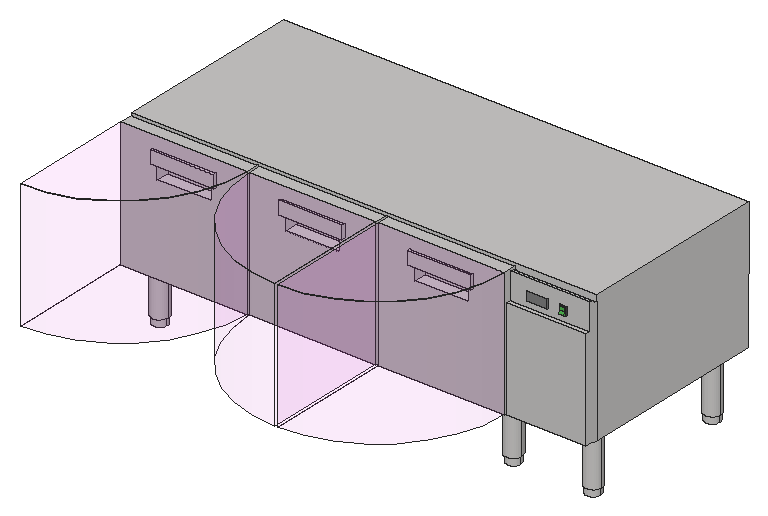
Revit family "QF_ELECTROLUXPROFESSIONAL_371373_E7TTCPCOMKN", category Specialty Equipment, Revit 2018 (continued)
Lines and regions (mm)
  Split face 146
    outline origin (966.896, -348, 142.29) x (0, 0, -1) y (1, 0, 0)
      loop
        line (-85.004, -234.4) -> (-117.004, -234.4)
        arc (-117.004, -234.4) -> (-121.004, -238.41) -> (-116.984, -242.399) r 4
        line (-116.984, -242.399) -> (-85.025, -242.399)
  Split face 147
    outline origin (978.896, -348, 142.29) x (0, 0, -1) y (1, 0, 0)
      loop
        arc (-85.025, -242.399) -> (-81.004, -238.41) -> (-85.004, -234.4) r 4
        line (-85.004, -234.4) -> (-117.004, -234.4)
        arc (-117.004, -234.4) -> (-121.004, -238.41) -> (-116.984, -242.399) r 4
        line (-116.984, -242.399) -> (-85.025, -242.399)
  Split face 148
    outline origin (990.896, -348, 142.29) x (0, 0, -1) y (1, 0, 0)
      loop
        arc (-85.025, -242.399) -> (-81.004, -238.41) -> (-85.004, -234.4) r 4
        line (-85.004, -234.4) -> (-117.004, -234.4)
        arc (-117.004, -234.4) -> (-121.004, -238.41) -> (-116.984, -242.399) r 4
        line (-116.984, -242.399) -> (-85.025, -242.399)
  Split face 149
    outline origin (1002.896, -348, 142.29) x (0, 0, -1) y (1, 0, 0)
      loop
        arc (-85.025, -242.399) -> (-81.004, -238.41) -> (-85.004, -234.4) r 4
        line (-85.004, -234.4) -> (-117.004, -234.4)
        arc (-117.004, -234.4) -> (-121.004, -238.41) -> (-116.984, -242.399) r 4
        line (-116.984, -242.399) -> (-85.025, -242.399)
  Split face 150
    outline origin (1014.896, -348, 142.29) x (0, 0, -1) y (1, 0, 0)
      loop
        arc (-85.025, -242.399) -> (-81.004, -238.41) -> (-85.004, -234.4) r 4
        line (-85.004, -234.4) -> (-117.004, -234.4)
        arc (-117.004, -234.4) -> (-121.004, -238.41) -> (-116.984, -242.399) r 4
        line (-116.984, -242.399) -> (-85.025, -242.399)
  Split face 151
    outline origin (787, -348, 142.29) x (0, 0, -1) y (1, 0, 0)
      loop
        arc (-85.025, -240.599) -> (-81.004, -236.61) -> (-85.004, -232.599) r 4
        line (-85.004, -232.599) -> (-117.004, -232.599)
        arc (-117.004, -232.599) -> (-121.004, -236.61) -> (-116.984, -240.599) r 4
        line (-116.984, -240.599) -> (-85.025, -240.599)
  symbolic lines, style "SpecialityEquipmentHiddenLines"
    curve 1: line (-799, 350, 0) -> (799, 350, 0)
    curve 2: line (-799, -348, 0) -> (-799, 350, 0)
    curve 3: line (799, -348, 0) -> (-799, -348, 0)
    curve 4: line (799, 350, 0) -> (799, -348, 0)
    curve 5: line (-799, -303, 0) -> (799, -303, 0)
  symbolic lines, style "QF_Door-Drawer Clearances"
    curve 6: line (-799, -348, 0) -> (-799, -782, 0)
    curve 7: line (-759, -348, 0) -> (-759, -782, 0)
    curve 8: line (-799, -782, 0) -> (-759, -782, 0)
    curve 9: arc (-759, -782, 0) -> (-478.236, -641.044, 0) -> (-364.999, -348, 0) r 436.202
    curve 10: line (85.661, -348, 0) -> (85.661, -782, 0)
    curve 11: line (125.661, -348, 0) -> (125.661, -782, 0)
    curve 12: line (85.661, -782, 0) -> (125.661, -782, 0)
    curve 13: arc (125.661, -782, 0) -> (406.425, -641.044, 0) -> (519.662, -348, 0) r 436.202
    curve 14: line (77.332, -348, 0) -> (77.332, -782, 0)
    curve 15: line (37.332, -348, 0) -> (37.332, -782, 0)
    curve 16: line (77.332, -782, 0) -> (37.332, -782, 0)
    curve 17: arc (37.332, -782, 0) -> (-243.432, -641.044, 0) -> (-356.669, -348, 0) r 436.202
Dimensions and locks
  plane 4 to level = 200 mm
  plane 5 "TOP" to level = 650 mm
  plane 5 "TOP" to plane 4 = 450 mm
  equal spacing: plane 8 "LEFT", plane 3 "Centro (Sinistra/Destra)", plane 9 "RIGHT"
  plane 8 "LEFT" to plane 9 "RIGHT" = 1600 mm
  equal spacing: plane 6 "BACK", plane 1 "Center X", plane 7 "FRONT"
  plane 6 "BACK" to plane 7 "FRONT" = 700 mm
  locked: plane 6 "BACK" to plane 10 at 653
  locked: plane 10 to plane 11 at 45
  locked: plane 8 "LEFT" to plane 12 at 55
  locked: plane 13 to plane 9 "RIGHT" at 55
  plane 12 to plane 14 = 1216 mm
  locked: plane 6 "BACK" to plane 15 at 88
  locked: plane 16 to plane 11 at 99
  locked: plane 19 to plane 9 "RIGHT" at 1
  locked: plane 8 "LEFT" to plane 18 at 1
  plane 19 to plane 17 = 513 mm
  locked: plane 6 "BACK" to plane 20 at 160
  plane 21 to plane 9 "RIGHT" = 240 mm
  plane 14 to plane 12 = 1216 mm
  plane 12 to plane 8 "LEFT" = 55 mm
  plane 9 "RIGHT" to plane 13 = 55 mm
  Extrusion 9 to Extrusion 9 = 434 mm
  Extrusion 11 to Extrusion 11 = 434 mm
  aligned and locked: level to plane 2
  aligned and locked: plane 12 to nested 1
  aligned and locked: nested 1 to plane 16
  aligned and locked: nested 2 to plane 15
  aligned and locked: plane 14 to nested 3
  aligned and locked: nested 4 to plane 14
  aligned and locked: plane 13 to nested 5
  aligned and locked: nested 6 to plane 13
  aligned and locked: Extrusion 1 sketch curve to plane 6 "BACK"
  aligned and locked: Extrusion 1 sketch curve to plane 10
  aligned and locked: Extrusion 2 to plane 11
  aligned and locked: plane 19 to Extrusion 1
  aligned and locked: plane 4 to Extrusion 4
  aligned and locked: nested 2 to plane 12
Automatic sketch dimensions
  plane 20 to Extrusion 4 sketch curve = 0 mm
  plane 13 to Extrusion 4 sketch curve = 15 mm
  curve 6 to plane 11 = 0 mm
  curve 6 to plane 18 = 0 mm
  curve 3 to plane 19 = 0 mm
  curve 5 to plane 10 = 0 mm
  curve 2 to plane 6 "BACK" = 0 mm
  plane 11 to curve 9 = 0.156 mm
  curve 9 to plane 8 "LEFT" = 1.201 mm
  curve 8 to plane 12 = 14 mm
  plane 3 "Centro (Sinistra/Destra)" to curve 16 = 37.332 mm
  plane 3 "Centro (Sinistra/Destra)" to curve 16 = 77.332 mm
  plane 11 to curve 17 = 0.156 mm
  curve 14 to curve 17 = 2.201 mm
  plane 11 to curve 13 = 0.156 mm
  plane 3 "Centro (Sinistra/Destra)" to curve 13 = 83.461 mm
  plane 3 "Centro (Sinistra/Destra)" to curve 12 = 85.661 mm
  curve 10 to curve 11 = 40 mm
  curve 8 to plane 7 "FRONT" = 432 mm
  curve 14 to plane 7 "FRONT" = 432 mm
  curve 14 to curve 10 = 0 mm
  Extrusion 1 sketch curve to plane 19 = 0 mm
  Extrusion 1 sketch curve to plane 18 = 0 mm
  Extrusion 2 sketch curve to plane 18 = 0 mm
  plane 12 to Extrusion 2 sketch curve = 69.7 mm
  Extrusion 2 sketch curve to Extrusion 2 sketch curve = 186.601 mm
  Extrusion 2 sketch curve to plane 5 "TOP" = 9.006 mm
  Extrusion 2 sketch curve to Extrusion 2 sketch curve = 123.7 mm
  Extrusion 2 sketch curve to plane 5 "TOP" = 65 mm
  Extrusion 2 sketch curve to Extrusion 2 sketch curve = 78.294 mm
  plane 4 to Extrusion 2 sketch curve = 1.587 mm
  Extrusion 3 sketch curve to Extrusion 2 = 15 mm  (x2)
  Extrusion 2 to Extrusion 3 sketch curve = 31.031 mm
  Extrusion 3 sketch curve to Extrusion 2 = 13.969 mm
  Extrusion 5 sketch curve to plane 11 = 0 mm
  Extrusion 5 sketch curve to plane 4 = 0 mm
  Extrusion 5 sketch curve to plane 10 = 0 mm
  plane 11 to Extrusion 5 sketch curve = 16.901 mm
  Extrusion 5 sketch curve to Extrusion 5 sketch curve = 11.336 mm
  plane 4 to Extrusion 5 sketch curve = 4.796 mm
  Extrusion 5 sketch curve to plane 10 = 15.163 mm
  Extrusion 5 sketch curve to plane 10 = 5.442 mm
  Extrusion 5 sketch curve to plane 5 "TOP" = 100.204 mm
  Extrusion 5 sketch curve to plane 5 "TOP" = 20.473 mm
  Extrusion 5 sketch curve to plane 5 "TOP" = 9.006 mm
  Extrusion 5 to Extrusion 6 sketch curve = 42.198 mm
  Extrusion 6 sketch curve to Extrusion 5 = 20 mm
  Extrusion 5 to Extrusion 6 sketch curve = 102.899 mm
  Extrusion 6 sketch curve to Extrusion 6 sketch curve = 22 mm
  Extrusion 5 to Extrusion 7 sketch curve = 42.198 mm
  Extrusion 7 sketch curve to Extrusion 5 = 20 mm
  Extrusion 5 to Extrusion 7 sketch curve = 54.901 mm
  Extrusion 7 sketch curve to Extrusion 7 sketch curve = 70 mm
  Split face 1 sketch curve to Extrusion 7 = 5 mm
  Split face 1 sketch curve to Extrusion 7 = 9 mm
  Split face 1 sketch curve to Extrusion 7 = 10 mm  (x2)
  Split face 2 sketch curve to Extrusion 7 = 12.5 mm
  Split face 2 sketch curve to Extrusion 7 = 7 mm
  Split face 3 sketch curve to Extrusion 7 = 7.5 mm
  Split face 3 sketch curve to Extrusion 7 = 7 mm
  Split face 4 sketch curve to Extrusion 7 = 11.5 mm
  Split face 4 sketch curve to Extrusion 7 = 7 mm
  Split face 5 sketch curve to Extrusion 7 = 7.5 mm
  Split face 5 sketch curve to Extrusion 7 = 7 mm
  Split face 6 sketch curve to Extrusion 7 = 12.5 mm
  Split face 6 sketch curve to Extrusion 7 = 7 mm
  Split face 7 sketch curve to Extrusion 7 = 11.5 mm
  Split face 7 sketch curve to Extrusion 7 = 7 mm
  Split face 8 sketch curve to Extrusion 7 = 7.047 mm
  Split face 8 sketch curve to Extrusion 7 = 2.047 mm
  Split face 8 sketch curve to Extrusion 7 = 10 mm
  Split face 8 sketch curve to Split face 8 sketch curve = 11 mm
  Split face 9 sketch curve to Extrusion 7 = 7.047 mm
  Split face 9 sketch curve to Extrusion 7 = 2.047 mm
  Split face 9 sketch curve to Extrusion 7 = 23 mm
  Split face 9 sketch curve to Split face 9 sketch curve = 11 mm
  Split face 10 sketch curve to Extrusion 7 = 7.047 mm
  Split face 10 sketch curve to Extrusion 7 = 2.047 mm
  Split face 10 sketch curve to Extrusion 7 = 34 mm
  Split face 10 sketch curve to Split face 10 sketch curve = 11 mm
  Split face 11 sketch curve to Extrusion 7 = 7.047 mm
  Split face 11 sketch curve to Extrusion 7 = 2.047 mm
  Split face 11 sketch curve to Extrusion 7 = 21 mm
  Split face 11 sketch curve to Extrusion 7 = 10 mm
  Extrusion 8 sketch curve to Extrusion 8 sketch curve = 0 mm  (x3)
  Extrusion 8 sketch curve to Extrusion 6 = 0 mm
  Extrusion 6 to Extrusion 8 sketch curve = 2.279 mm
  Extrusion 8 sketch curve to Extrusion 8 sketch curve = 0.116 mm
  Extrusion 8 sketch curve to Extrusion 8 sketch curve = 12.105 mm
  Extrusion 6 to Extrusion 8 sketch curve = 3.692 mm
  Extrusion 6 to Extrusion 8 sketch curve = 2.395 mm
  Split face 12 sketch curve to Extrusion 5 = 20.5 mm
  Split face 12 sketch curve to Split face 12 sketch curve = 0.02 mm  (x2)
  Split face 12 sketch curve to Split face 12 sketch curve = 31.959 mm
  Split face 12 sketch curve to Extrusion 5 = 30.401 mm
  Split face 12 sketch curve to Split face 12 sketch curve = 4 mm
  Split face 13 sketch curve to Extrusion 5 = 20.5 mm
  Split face 13 sketch curve to Split face 13 sketch curve = 0.02 mm  (x2)
  Split face 13 sketch curve to Split face 13 sketch curve = 31.959 mm
  Split face 13 sketch curve to Extrusion 5 = 42.4 mm
  Split face 13 sketch curve to Split face 13 sketch curve = 4 mm
  Split face 14 sketch curve to Extrusion 5 = 20.5 mm
  Split face 14 sketch curve to Split face 14 sketch curve = 0.02 mm  (x2)
  Split face 14 sketch curve to Split face 14 sketch curve = 31.959 mm
  Split face 14 sketch curve to Extrusion 5 = 54.4 mm
  Split face 14 sketch curve to Split face 14 sketch curve = 4 mm
  Split face 15 sketch curve to Extrusion 5 = 20.5 mm
  Split face 15 sketch curve to Split face 15 sketch curve = 0.02 mm  (x2)
  Split face 15 sketch curve to Split face 15 sketch curve = 31.959 mm
  Split face 15 sketch curve to Extrusion 5 = 66.297 mm
  Split face 15 sketch curve to Split face 15 sketch curve = 4 mm
  Split face 16 sketch curve to Extrusion 5 = 20.5 mm
  Split face 16 sketch curve to Split face 16 sketch curve = 0.02 mm  (x2)
  Split face 16 sketch curve to Split face 16 sketch curve = 31.959 mm
  Split face 16 sketch curve to Extrusion 5 = 78.297 mm
  Split face 16 sketch curve to Split face 16 sketch curve = 4 mm
  Split face 17 sketch curve to Extrusion 5 = 20.5 mm
  Split face 17 sketch curve to Split face 17 sketch curve = 0.02 mm  (x2)
  Split face 17 sketch curve to Split face 17 sketch curve = 31.959 mm
  Split face 17 sketch curve to Extrusion 5 = 90.297 mm
  Split face 17 sketch curve to Split face 17 sketch curve = 4 mm
  Split face 18 sketch curve to Extrusion 5 = 20.5 mm
  Split face 18 sketch curve to Split face 18 sketch curve = 0.02 mm  (x2)
  Split face 18 sketch curve to Split face 18 sketch curve = 31.959 mm
  Split face 18 sketch curve to Extrusion 5 = 102.297 mm
  Split face 18 sketch curve to Split face 18 sketch curve = 4 mm
  Split face 19 sketch curve to Extrusion 5 = 20.5 mm
  Split face 19 sketch curve to Split face 19 sketch curve = 0.02 mm  (x2)
  Split face 19 sketch curve to Split face 19 sketch curve = 31.959 mm
  Split face 19 sketch curve to Extrusion 5 = 114.297 mm
  Split face 19 sketch curve to Split face 19 sketch curve = 4 mm
  Split face 20 sketch curve to Extrusion 5 = 20.5 mm
  Split face 20 sketch curve to Split face 20 sketch curve = 0.02 mm  (x2)
  Split face 20 sketch curve to Split face 20 sketch curve = 31.959 mm
  Split face 20 sketch curve to Extrusion 5 = 126.297 mm
  Split face 20 sketch curve to Split face 20 sketch curve = 4 mm
  Split face 21 sketch curve to Extrusion 5 = 20.5 mm
  Split face 21 sketch curve to Split face 21 sketch curve = 0.02 mm  (x2)
  Split face 21 sketch curve to Split face 21 sketch curve = 31.959 mm
  Split face 21 sketch curve to Extrusion 5 = 134.503 mm
  Split face 21 sketch curve to Split face 21 sketch curve = 4 mm
  Split face 22 sketch curve to Extrusion 5 = 20.5 mm
  Split face 22 sketch curve to Split face 22 sketch curve = 0.02 mm  (x2)
  Split face 22 sketch curve to Split face 22 sketch curve = 31.959 mm
  Split face 22 sketch curve to Extrusion 5 = 122.504 mm
  Split face 22 sketch curve to Split face 22 sketch curve = 4 mm
  Split face 23 sketch curve to Extrusion 5 = 20.5 mm
  Split face 23 sketch curve to Split face 23 sketch curve = 0.02 mm  (x2)
  Split face 23 sketch curve to Split face 23 sketch curve = 31.959 mm
  Split face 23 sketch curve to Extrusion 5 = 110.503 mm
  Split face 23 sketch curve to Split face 23 sketch curve = 4 mm
  Split face 24 sketch curve to Extrusion 5 = 20.5 mm
  Split face 24 sketch curve to Split face 24 sketch curve = 0.02 mm  (x2)
  Split face 24 sketch curve to Split face 24 sketch curve = 31.959 mm
  Split face 24 sketch curve to Extrusion 5 = 98.503 mm
  Split face 24 sketch curve to Split face 24 sketch curve = 4 mm
  Split face 25 sketch curve to Extrusion 5 = 20.5 mm
  Split face 25 sketch curve to Split face 25 sketch curve = 0.02 mm  (x2)
  Split face 25 sketch curve to Split face 25 sketch curve = 31.959 mm
  Split face 25 sketch curve to Extrusion 5 = 86.503 mm
  Split face 25 sketch curve to Split face 25 sketch curve = 4 mm
  Split face 26 sketch curve to Extrusion 5 = 20.5 mm
  Split face 26 sketch curve to Split face 26 sketch curve = 0.02 mm  (x2)
  Split face 26 sketch curve to Split face 26 sketch curve = 31.959 mm
  Split face 26 sketch curve to Extrusion 5 = 74.504 mm
  Split face 26 sketch curve to Split face 26 sketch curve = 4 mm
  Split face 27 sketch curve to Extrusion 5 = 20.5 mm
  Split face 27 sketch curve to Split face 27 sketch curve = 0.02 mm  (x2)
  Split face 27 sketch curve to Split face 27 sketch curve = 31.959 mm
  Split face 27 sketch curve to Extrusion 5 = 62.503 mm
  Split face 27 sketch curve to Split face 27 sketch curve = 4 mm
  Split face 28 sketch curve to Extrusion 5 = 20.5 mm
  Split face 28 sketch curve to Split face 28 sketch curve = 0.02 mm  (x2)
  Split face 28 sketch curve to Split face 28 sketch curve = 31.959 mm
  Split face 28 sketch curve to Extrusion 5 = 50.504 mm
  Split face 28 sketch curve to Split face 28 sketch curve = 4 mm
  Split face 29 sketch curve to Extrusion 5 = 20.5 mm
  Split face 29 sketch curve to Split face 29 sketch curve = 0.02 mm  (x2)
  Split face 29 sketch curve to Split face 29 sketch curve = 31.959 mm
  Split face 29 sketch curve to Extrusion 5 = 38.504 mm
  Split face 29 sketch curve to Split face 29 sketch curve = 4 mm
  Split face 30 sketch curve to Extrusion 5 = 20.5 mm
  Split face 30 sketch curve to Split face 30 sketch curve = 0.02 mm  (x2)
  Split face 30 sketch curve to Split face 30 sketch curve = 31.959 mm
  Split face 30 sketch curve to Extrusion 5 = 26.504 mm
  Split face 30 sketch curve to Split face 30 sketch curve = 4 mm
  Split face 31 sketch curve to Extrusion 5 = 20.5 mm
  Split face 31 sketch curve to Split face 31 sketch curve = 0.02 mm  (x2)
  Split face 31 sketch curve to Split face 31 sketch curve = 31.959 mm
  Split face 31 sketch curve to Extrusion 5 = 18.401 mm
  Split face 31 sketch curve to Split face 31 sketch curve = 4 mm
  Split face 32 sketch curve to Extrusion 5 = 65.502 mm
  Split face 32 sketch curve to Split face 32 sketch curve = 0.02 mm  (x2)
  Split face 32 sketch curve to Split face 32 sketch curve = 31.959 mm
  Split face 32 sketch curve to Extrusion 5 = 30.401 mm
  Split face 32 sketch curve to Split face 32 sketch curve = 4 mm
  Split face 33 sketch curve to Extrusion 5 = 65.502 mm
  Split face 33 sketch curve to Split face 33 sketch curve = 0.02 mm  (x2)
  Split face 33 sketch curve to Split face 33 sketch curve = 31.959 mm
  Split face 33 sketch curve to Extrusion 5 = 42.4 mm
  Split face 33 sketch curve to Split face 33 sketch curve = 4 mm
  Split face 34 sketch curve to Extrusion 5 = 65.502 mm
  Split face 34 sketch curve to Split face 34 sketch curve = 0.02 mm  (x2)
  Split face 34 sketch curve to Split face 34 sketch curve = 31.959 mm
  Split face 34 sketch curve to Extrusion 5 = 54.4 mm
  Split face 34 sketch curve to Split face 34 sketch curve = 4 mm
  Split face 35 sketch curve to Extrusion 5 = 65.502 mm
  Split face 35 sketch curve to Split face 35 sketch curve = 0.02 mm  (x2)
  Split face 35 sketch curve to Split face 35 sketch curve = 31.959 mm
  Split face 35 sketch curve to Extrusion 5 = 66.297 mm
  Split face 35 sketch curve to Split face 35 sketch curve = 4 mm
  Split face 36 sketch curve to Extrusion 5 = 65.502 mm
  Split face 36 sketch curve to Split face 36 sketch curve = 0.02 mm  (x2)
  Split face 36 sketch curve to Split face 36 sketch curve = 31.959 mm
  Split face 36 sketch curve to Extrusion 5 = 78.297 mm
  Split face 36 sketch curve to Split face 36 sketch curve = 4 mm
  Split face 37 sketch curve to Extrusion 5 = 65.502 mm
  Split face 37 sketch curve to Split face 37 sketch curve = 0.02 mm  (x2)
  Split face 37 sketch curve to Split face 37 sketch curve = 31.959 mm
  Split face 37 sketch curve to Extrusion 5 = 90.297 mm
  Split face 37 sketch curve to Split face 37 sketch curve = 4 mm
  Split face 38 sketch curve to Extrusion 5 = 65.502 mm
  Split face 38 sketch curve to Split face 38 sketch curve = 0.02 mm  (x2)
  Split face 38 sketch curve to Split face 38 sketch curve = 31.959 mm
  Split face 38 sketch curve to Extrusion 5 = 102.297 mm
  Split face 38 sketch curve to Split face 38 sketch curve = 4 mm
  Split face 39 sketch curve to Extrusion 5 = 65.502 mm
  Split face 39 sketch curve to Split face 39 sketch curve = 0.02 mm  (x2)
  Split face 39 sketch curve to Split face 39 sketch curve = 31.959 mm
  Split face 39 sketch curve to Extrusion 5 = 114.297 mm
  Split face 39 sketch curve to Split face 39 sketch curve = 4 mm
  Split face 40 sketch curve to Extrusion 5 = 65.502 mm
  Split face 40 sketch curve to Split face 40 sketch curve = 0.02 mm  (x2)
  Split face 40 sketch curve to Split face 40 sketch curve = 31.959 mm
  Split face 40 sketch curve to Extrusion 5 = 126.297 mm
  Split face 40 sketch curve to Split face 40 sketch curve = 4 mm
  Split face 41 sketch curve to Extrusion 5 = 65.502 mm
  Split face 41 sketch curve to Split face 41 sketch curve = 0.02 mm  (x2)
  Split face 41 sketch curve to Split face 41 sketch curve = 31.959 mm
  Split face 41 sketch curve to Extrusion 5 = 134.503 mm
  Split face 41 sketch curve to Split face 41 sketch curve = 4 mm
  Split face 42 sketch curve to Extrusion 5 = 65.502 mm
  Split face 42 sketch curve to Split face 42 sketch curve = 0.02 mm  (x2)
  Split face 42 sketch curve to Split face 42 sketch curve = 31.959 mm
  Split face 42 sketch curve to Extrusion 5 = 122.504 mm
  Split face 42 sketch curve to Split face 42 sketch curve = 4 mm
  Split face 43 sketch curve to Extrusion 5 = 65.502 mm
  Split face 43 sketch curve to Split face 43 sketch curve = 0.02 mm  (x2)
  Split face 43 sketch curve to Split face 43 sketch curve = 31.959 mm
  Split face 43 sketch curve to Extrusion 5 = 110.503 mm
  Split face 43 sketch curve to Split face 43 sketch curve = 4 mm
  Split face 44 sketch curve to Extrusion 5 = 65.502 mm
  Split face 44 sketch curve to Split face 44 sketch curve = 0.02 mm  (x2)
  Split face 44 sketch curve to Split face 44 sketch curve = 31.959 mm
  Split face 44 sketch curve to Extrusion 5 = 98.503 mm
  Split face 44 sketch curve to Split face 44 sketch curve = 4 mm
  Split face 45 sketch curve to Extrusion 5 = 65.502 mm
  Split face 45 sketch curve to Split face 45 sketch curve = 0.02 mm  (x2)
  Split face 45 sketch curve to Split face 45 sketch curve = 31.959 mm
  Split face 45 sketch curve to Extrusion 5 = 86.503 mm
  Split face 45 sketch curve to Split face 45 sketch curve = 4 mm
  Split face 46 sketch curve to Extrusion 5 = 65.502 mm
  Split face 46 sketch curve to Split face 46 sketch curve = 0.02 mm  (x2)
  Split face 46 sketch curve to Split face 46 sketch curve = 31.959 mm
  Split face 46 sketch curve to Extrusion 5 = 74.504 mm
  Split face 46 sketch curve to Split face 46 sketch curve = 4 mm
  Split face 47 sketch curve to Extrusion 5 = 65.502 mm
  Split face 47 sketch curve to Split face 47 sketch curve = 0.02 mm  (x2)
  Split face 47 sketch curve to Split face 47 sketch curve = 31.959 mm
  Split face 47 sketch curve to Extrusion 5 = 62.503 mm
  Split face 47 sketch curve to Split face 47 sketch curve = 4 mm
  Split face 48 sketch curve to Extrusion 5 = 65.502 mm
  Split face 48 sketch curve to Split face 48 sketch curve = 0.02 mm  (x2)
  Split face 48 sketch curve to Split face 48 sketch curve = 31.959 mm
  Split face 48 sketch curve to Extrusion 5 = 50.504 mm
  Split face 48 sketch curve to Split face 48 sketch curve = 4 mm
  Split face 49 sketch curve to Extrusion 5 = 65.502 mm
  Split face 49 sketch curve to Split face 49 sketch curve = 0.02 mm  (x2)
  Split face 49 sketch curve to Split face 49 sketch curve = 31.959 mm
  Split face 49 sketch curve to Extrusion 5 = 38.504 mm
  Split face 49 sketch curve to Split face 49 sketch curve = 4 mm
  Split face 50 sketch curve to Extrusion 5 = 22.504 mm
  Split face 50 sketch curve to Extrusion 5 = 65.502 mm
  Split face 50 sketch curve to Split face 50 sketch curve = 0.02 mm  (x2)
  Split face 50 sketch curve to Split face 50 sketch curve = 31.959 mm
  Split face 50 sketch curve to Split face 50 sketch curve = 4 mm
  Split face 51 sketch curve to Extrusion 5 = 22.401 mm
  Split face 51 sketch curve to Extrusion 5 = 65.502 mm
  Split face 51 sketch curve to Split face 51 sketch curve = 0.02 mm  (x2)
  Split face 51 sketch curve to Split face 51 sketch curve = 31.959 mm
  Split face 51 sketch curve to Split face 51 sketch curve = 4 mm
  Split face 52 sketch curve to Extrusion 5 = 34.401 mm
  Split face 52 sketch curve to Extrusion 5 = 110.502 mm
  Split face 52 sketch curve to Split face 52 sketch curve = 0.02 mm  (x2)
  Split face 52 sketch curve to Split face 52 sketch curve = 31.959 mm
  Split face 52 sketch curve to Split face 52 sketch curve = 4 mm
  Split face 53 sketch curve to Extrusion 5 = 46.4 mm
  Split face 53 sketch curve to Extrusion 5 = 110.502 mm
  Split face 53 sketch curve to Split face 53 sketch curve = 0.02 mm  (x2)
  Split face 53 sketch curve to Split face 53 sketch curve = 31.959 mm
  Split face 53 sketch curve to Split face 53 sketch curve = 4 mm
  Split face 54 sketch curve to Extrusion 5 = 110.502 mm
  Split face 54 sketch curve to Split face 54 sketch curve = 0.02 mm  (x2)
  Split face 54 sketch curve to Split face 54 sketch curve = 31.959 mm
  Split face 54 sketch curve to Extrusion 5 = 54.4 mm
  Split face 54 sketch curve to Split face 54 sketch curve = 4 mm
  Split face 55 sketch curve to Extrusion 5 = 110.502 mm
  Split face 55 sketch curve to Split face 55 sketch curve = 0.02 mm  (x2)
  Split face 55 sketch curve to Split face 55 sketch curve = 31.959 mm
  Split face 55 sketch curve to Extrusion 5 = 66.297 mm
  Split face 55 sketch curve to Split face 55 sketch curve = 4 mm
  Split face 56 sketch curve to Extrusion 5 = 110.502 mm
  Split face 56 sketch curve to Split face 56 sketch curve = 0.02 mm  (x2)
  Split face 56 sketch curve to Split face 56 sketch curve = 31.959 mm
  Split face 56 sketch curve to Extrusion 5 = 78.297 mm
  Split face 56 sketch curve to Split face 56 sketch curve = 4 mm
  Split face 57 sketch curve to Extrusion 5 = 110.502 mm
  Split face 57 sketch curve to Split face 57 sketch curve = 0.02 mm  (x2)
  Split face 57 sketch curve to Split face 57 sketch curve = 31.959 mm
  Split face 57 sketch curve to Extrusion 5 = 90.297 mm
  Split face 57 sketch curve to Split face 57 sketch curve = 4 mm
  Split face 58 sketch curve to Extrusion 5 = 110.502 mm
  Split face 58 sketch curve to Split face 58 sketch curve = 0.02 mm  (x2)
  Split face 58 sketch curve to Split face 58 sketch curve = 31.959 mm
  Split face 58 sketch curve to Extrusion 5 = 102.297 mm
  Split face 58 sketch curve to Split face 58 sketch curve = 4 mm
  Split face 59 sketch curve to Extrusion 5 = 110.502 mm
  Split face 59 sketch curve to Split face 59 sketch curve = 0.02 mm  (x2)
  Split face 59 sketch curve to Split face 59 sketch curve = 31.959 mm
  Split face 59 sketch curve to Extrusion 5 = 114.297 mm
  Split face 59 sketch curve to Split face 59 sketch curve = 4 mm
  Split face 60 sketch curve to Extrusion 5 = 110.502 mm
  Split face 60 sketch curve to Split face 60 sketch curve = 0.02 mm  (x2)
  Split face 60 sketch curve to Split face 60 sketch curve = 31.959 mm
  Split face 60 sketch curve to Extrusion 5 = 126.297 mm
  Split face 60 sketch curve to Split face 60 sketch curve = 4 mm
  Split face 61 sketch curve to Extrusion 5 = 110.502 mm
  Split face 61 sketch curve to Split face 61 sketch curve = 0.02 mm  (x2)
  Split face 61 sketch curve to Split face 61 sketch curve = 31.959 mm
  Split face 61 sketch curve to Extrusion 5 = 134.503 mm
  Split face 61 sketch curve to Split face 61 sketch curve = 4 mm
  Split face 62 sketch curve to Extrusion 5 = 110.502 mm
  Split face 62 sketch curve to Split face 62 sketch curve = 0.02 mm  (x2)
  Split face 62 sketch curve to Split face 62 sketch curve = 31.959 mm
  Split face 62 sketch curve to Extrusion 5 = 122.504 mm
  Split face 62 sketch curve to Split face 62 sketch curve = 4 mm
  Split face 63 sketch curve to Extrusion 5 = 110.502 mm
  Split face 63 sketch curve to Split face 63 sketch curve = 0.02 mm  (x2)
  Split face 63 sketch curve to Split face 63 sketch curve = 31.959 mm
  Split face 63 sketch curve to Extrusion 5 = 110.503 mm
  Split face 63 sketch curve to Split face 63 sketch curve = 4 mm
  Split face 64 sketch curve to Extrusion 5 = 110.502 mm
  Split face 64 sketch curve to Split face 64 sketch curve = 0.02 mm  (x2)
  Split face 64 sketch curve to Split face 64 sketch curve = 31.959 mm
  Split face 64 sketch curve to Extrusion 5 = 98.503 mm
  Split face 64 sketch curve to Split face 64 sketch curve = 4 mm
  Split face 65 sketch curve to Extrusion 5 = 110.502 mm
  Split face 65 sketch curve to Split face 65 sketch curve = 0.02 mm  (x2)
  Split face 65 sketch curve to Split face 65 sketch curve = 31.959 mm
  Split face 65 sketch curve to Extrusion 5 = 86.503 mm
  Split face 65 sketch curve to Split face 65 sketch curve = 4 mm
  Split face 66 sketch curve to Extrusion 5 = 110.502 mm
  Split face 66 sketch curve to Split face 66 sketch curve = 0.02 mm  (x2)
  Split face 66 sketch curve to Split face 66 sketch curve = 31.959 mm
  Split face 66 sketch curve to Extrusion 5 = 74.504 mm
  Split face 66 sketch curve to Split face 66 sketch curve = 4 mm
  Split face 67 sketch curve to Extrusion 5 = 110.502 mm
  Split face 67 sketch curve to Split face 67 sketch curve = 0.02 mm  (x2)
  Split face 67 sketch curve to Split face 67 sketch curve = 31.959 mm
  Split face 67 sketch curve to Extrusion 5 = 62.503 mm
  Split face 67 sketch curve to Split face 67 sketch curve = 4 mm
  Split face 68 sketch curve to Extrusion 5 = 46.504 mm
  Split face 68 sketch curve to Extrusion 5 = 110.502 mm
  Split face 68 sketch curve to Split face 68 sketch curve = 0.02 mm  (x2)
  Split face 68 sketch curve to Split face 68 sketch curve = 31.959 mm
  Split face 68 sketch curve to Split face 68 sketch curve = 4 mm
  Split face 69 sketch curve to Extrusion 5 = 34.504 mm
  Split face 69 sketch curve to Extrusion 5 = 110.502 mm
  Split face 69 sketch curve to Split face 69 sketch curve = 0.02 mm  (x2)
  Split face 69 sketch curve to Split face 69 sketch curve = 31.959 mm
  Split face 69 sketch curve to Split face 69 sketch curve = 4 mm
  Split face 70 sketch curve to Extrusion 5 = 22.504 mm
  Split face 70 sketch curve to Extrusion 5 = 110.502 mm
  Split face 70 sketch curve to Split face 70 sketch curve = 0.02 mm  (x2)
  Split face 70 sketch curve to Split face 70 sketch curve = 31.959 mm
  Split face 70 sketch curve to Split face 70 sketch curve = 4 mm
  Split face 71 sketch curve to Extrusion 5 = 22.401 mm
  Split face 71 sketch curve to Extrusion 5 = 110.502 mm
  Split face 71 sketch curve to Split face 71 sketch curve = 0.02 mm  (x2)
  Split face 71 sketch curve to Split face 71 sketch curve = 31.959 mm
  Split face 71 sketch curve to Split face 71 sketch curve = 4 mm
  Split face 72 sketch curve to Extrusion 5 = 34.401 mm
  Split face 72 sketch curve to Extrusion 5 = 155.502 mm
  Split face 72 sketch curve to Split face 72 sketch curve = 0.02 mm  (x2)
  Split face 72 sketch curve to Split face 72 sketch curve = 31.959 mm
  Split face 72 sketch curve to Split face 72 sketch curve = 4 mm
  Split face 73 sketch curve to Extrusion 5 = 46.4 mm
  Split face 73 sketch curve to Extrusion 5 = 155.502 mm
  Split face 73 sketch curve to Split face 73 sketch curve = 0.02 mm  (x2)
  Split face 73 sketch curve to Split face 73 sketch curve = 31.959 mm
  Split face 73 sketch curve to Split face 73 sketch curve = 4 mm
  Split face 74 sketch curve to Extrusion 5 = 58.4 mm
  Split face 74 sketch curve to Extrusion 5 = 155.502 mm
  Split face 74 sketch curve to Split face 74 sketch curve = 0.02 mm  (x2)
  Split face 74 sketch curve to Split face 74 sketch curve = 31.959 mm
  Split face 74 sketch curve to Split face 74 sketch curve = 4 mm
  Split face 75 sketch curve to Extrusion 5 = 70.297 mm
  Split face 75 sketch curve to Extrusion 5 = 155.502 mm
  Split face 75 sketch curve to Split face 75 sketch curve = 0.02 mm  (x2)
  Split face 75 sketch curve to Split face 75 sketch curve = 31.959 mm
  Split face 75 sketch curve to Split face 75 sketch curve = 4 mm
  Split face 76 sketch curve to Extrusion 5 = 155.502 mm
  Split face 76 sketch curve to Split face 76 sketch curve = 0.02 mm  (x2)
  Split face 76 sketch curve to Split face 76 sketch curve = 31.959 mm
  Split face 76 sketch curve to Extrusion 5 = 78.297 mm
  Split face 76 sketch curve to Split face 76 sketch curve = 4 mm
  Split face 77 sketch curve to Extrusion 5 = 155.502 mm
  Split face 77 sketch curve to Split face 77 sketch curve = 0.02 mm  (x2)
  Split face 77 sketch curve to Split face 77 sketch curve = 31.959 mm
  Split face 77 sketch curve to Extrusion 5 = 90.297 mm
  Split face 77 sketch curve to Split face 77 sketch curve = 4 mm
  Split face 78 sketch curve to Extrusion 5 = 155.502 mm
  Split face 78 sketch curve to Split face 78 sketch curve = 0.02 mm  (x2)
  Split face 78 sketch curve to Split face 78 sketch curve = 31.959 mm
  Split face 78 sketch curve to Extrusion 5 = 102.297 mm
  Split face 78 sketch curve to Split face 78 sketch curve = 4 mm
  Split face 79 sketch curve to Extrusion 5 = 155.502 mm
  Split face 79 sketch curve to Split face 79 sketch curve = 0.02 mm  (x2)
  Split face 79 sketch curve to Split face 79 sketch curve = 31.959 mm
  Split face 79 sketch curve to Extrusion 5 = 114.297 mm
  Split face 79 sketch curve to Split face 79 sketch curve = 4 mm
  Split face 80 sketch curve to Extrusion 5 = 155.502 mm
  Split face 80 sketch curve to Split face 80 sketch curve = 0.02 mm  (x2)
  Split face 80 sketch curve to Split face 80 sketch curve = 31.959 mm
  Split face 80 sketch curve to Extrusion 5 = 126.297 mm
  Split face 80 sketch curve to Split face 80 sketch curve = 4 mm
  Split face 81 sketch curve to Extrusion 5 = 155.502 mm
  Split face 81 sketch curve to Split face 81 sketch curve = 0.02 mm  (x2)
  Split face 81 sketch curve to Split face 81 sketch curve = 31.959 mm
  Split face 81 sketch curve to Extrusion 5 = 134.503 mm
  Split face 81 sketch curve to Split face 81 sketch curve = 4 mm
  Split face 82 sketch curve to Extrusion 5 = 155.502 mm
  Split face 82 sketch curve to Split face 82 sketch curve = 0.02 mm  (x2)
  Split face 82 sketch curve to Split face 82 sketch curve = 31.959 mm
  Split face 82 sketch curve to Extrusion 5 = 122.504 mm
  Split face 82 sketch curve to Split face 82 sketch curve = 4 mm
  Split face 83 sketch curve to Extrusion 5 = 155.502 mm
  Split face 83 sketch curve to Split face 83 sketch curve = 0.02 mm  (x2)
  Split face 83 sketch curve to Split face 83 sketch curve = 31.959 mm
  Split face 83 sketch curve to Extrusion 5 = 110.503 mm
  Split face 83 sketch curve to Split face 83 sketch curve = 4 mm
  Split face 84 sketch curve to Extrusion 5 = 155.502 mm
  Split face 84 sketch curve to Split face 84 sketch curve = 0.02 mm  (x2)
  Split face 84 sketch curve to Split face 84 sketch curve = 31.959 mm
  Split face 84 sketch curve to Extrusion 5 = 98.503 mm
  Split face 84 sketch curve to Split face 84 sketch curve = 4 mm
  Split face 85 sketch curve to Extrusion 5 = 155.502 mm
  Split face 85 sketch curve to Split face 85 sketch curve = 0.02 mm  (x2)
  Split face 85 sketch curve to Split face 85 sketch curve = 31.959 mm
  Split face 85 sketch curve to Extrusion 5 = 86.503 mm
  Split face 85 sketch curve to Split face 85 sketch curve = 4 mm
  Split face 86 sketch curve to Extrusion 5 = 70.504 mm
  Split face 86 sketch curve to Extrusion 5 = 155.502 mm
  Split face 86 sketch curve to Split face 86 sketch curve = 0.02 mm  (x2)
  Split face 86 sketch curve to Split face 86 sketch curve = 31.959 mm
  Split face 86 sketch curve to Split face 86 sketch curve = 4 mm
  Split face 87 sketch curve to Extrusion 5 = 58.503 mm
  Split face 87 sketch curve to Extrusion 5 = 155.502 mm
  Split face 87 sketch curve to Split face 87 sketch curve = 0.02 mm  (x2)
  Split face 87 sketch curve to Split face 87 sketch curve = 31.959 mm
  Split face 87 sketch curve to Split face 87 sketch curve = 4 mm
  Split face 88 sketch curve to Extrusion 5 = 46.504 mm
  Split face 88 sketch curve to Extrusion 5 = 155.502 mm
  Split face 88 sketch curve to Split face 88 sketch curve = 0.02 mm  (x2)
  Split face 88 sketch curve to Split face 88 sketch curve = 31.959 mm
  Split face 88 sketch curve to Split face 88 sketch curve = 4 mm
  Split face 89 sketch curve to Extrusion 5 = 34.504 mm
  Split face 89 sketch curve to Extrusion 5 = 155.502 mm
  Split face 89 sketch curve to Split face 89 sketch curve = 0.02 mm  (x2)
  Split face 89 sketch curve to Split face 89 sketch curve = 31.959 mm
  Split face 89 sketch curve to Split face 89 sketch curve = 4 mm
  Split face 90 sketch curve to Extrusion 5 = 22.504 mm
  Split face 90 sketch curve to Extrusion 5 = 155.502 mm
  Split face 90 sketch curve to Split face 90 sketch curve = 0.02 mm  (x2)
  Split face 90 sketch curve to Split face 90 sketch curve = 31.959 mm
  Split face 90 sketch curve to Split face 90 sketch curve = 4 mm
  Split face 91 sketch curve to Extrusion 5 = 22.401 mm
  Split face 91 sketch curve to Extrusion 5 = 155.502 mm
  Split face 91 sketch curve to Split face 91 sketch curve = 0.02 mm  (x2)
  Split face 91 sketch curve to Split face 91 sketch curve = 31.959 mm
  Split face 91 sketch curve to Split face 91 sketch curve = 4 mm
  Split face 92 sketch curve to Extrusion 5 = 34.401 mm
  Split face 92 sketch curve to Extrusion 5 = 144.498 mm
  Split face 92 sketch curve to Split face 92 sketch curve = 0.02 mm  (x2)
  Split face 92 sketch curve to Split face 92 sketch curve = 31.959 mm
  Split face 92 sketch curve to Split face 92 sketch curve = 4 mm
  Split face 93 sketch curve to Extrusion 5 = 46.4 mm
  Split face 93 sketch curve to Extrusion 5 = 144.498 mm
  Split face 93 sketch curve to Split face 93 sketch curve = 0.02 mm  (x2)
  Split face 93 sketch curve to Split face 93 sketch curve = 31.959 mm
  Split face 93 sketch curve to Split face 93 sketch curve = 4 mm
  Split face 94 sketch curve to Extrusion 5 = 58.4 mm
  Split face 94 sketch curve to Extrusion 5 = 144.498 mm
  Split face 94 sketch curve to Split face 94 sketch curve = 0.02 mm  (x2)
  Split face 94 sketch curve to Split face 94 sketch curve = 31.959 mm
  Split face 94 sketch curve to Split face 94 sketch curve = 4 mm
  Split face 95 sketch curve to Extrusion 5 = 70.297 mm
  Split face 95 sketch curve to Extrusion 5 = 144.498 mm
  Split face 95 sketch curve to Split face 95 sketch curve = 0.02 mm  (x2)
  Split face 95 sketch curve to Split face 95 sketch curve = 31.959 mm
  Split face 95 sketch curve to Split face 95 sketch curve = 4 mm
  Split face 96 sketch curve to Extrusion 5 = 144.498 mm
  Split face 96 sketch curve to Split face 96 sketch curve = 0.02 mm  (x2)
  Split face 96 sketch curve to Split face 96 sketch curve = 31.959 mm
  Split face 96 sketch curve to Extrusion 5 = 78.297 mm
  Split face 96 sketch curve to Split face 96 sketch curve = 4 mm
  Split face 97 sketch curve to Extrusion 5 = 144.498 mm
  Split face 97 sketch curve to Split face 97 sketch curve = 0.02 mm  (x2)
  Split face 97 sketch curve to Split face 97 sketch curve = 31.959 mm
  Split face 97 sketch curve to Extrusion 5 = 90.297 mm
  Split face 97 sketch curve to Split face 97 sketch curve = 4 mm
  Split face 98 sketch curve to Extrusion 5 = 144.498 mm
  Split face 98 sketch curve to Split face 98 sketch curve = 0.02 mm  (x2)
  Split face 98 sketch curve to Split face 98 sketch curve = 31.959 mm
  Split face 98 sketch curve to Extrusion 5 = 102.297 mm
  Split face 98 sketch curve to Split face 98 sketch curve = 4 mm
  Split face 99 sketch curve to Extrusion 5 = 144.498 mm
  Split face 99 sketch curve to Split face 99 sketch curve = 0.02 mm  (x2)
  Split face 99 sketch curve to Split face 99 sketch curve = 31.959 mm
  Split face 99 sketch curve to Extrusion 5 = 114.297 mm
  Split face 99 sketch curve to Split face 99 sketch curve = 4 mm
  Split face 100 sketch curve to Extrusion 5 = 144.498 mm
  Split face 100 sketch curve to Split face 100 sketch curve = 0.02 mm  (x2)
  Split face 100 sketch curve to Split face 100 sketch curve = 31.959 mm
  Split face 100 sketch curve to Extrusion 5 = 126.297 mm
  Split face 100 sketch curve to Split face 100 sketch curve = 4 mm
  Split face 101 sketch curve to Extrusion 5 = 144.498 mm
  Split face 101 sketch curve to Split face 101 sketch curve = 0.02 mm  (x2)
  Split face 101 sketch curve to Split face 101 sketch curve = 31.959 mm
  Split face 101 sketch curve to Extrusion 5 = 134.503 mm
  Split face 101 sketch curve to Split face 101 sketch curve = 4 mm
  Split face 102 sketch curve to Extrusion 5 = 144.498 mm
  Split face 102 sketch curve to Split face 102 sketch curve = 0.02 mm  (x2)
  Split face 102 sketch curve to Split face 102 sketch curve = 31.959 mm
  Split face 102 sketch curve to Extrusion 5 = 122.504 mm
  Split face 102 sketch curve to Split face 102 sketch curve = 4 mm
  Split face 103 sketch curve to Extrusion 5 = 144.498 mm
  Split face 103 sketch curve to Split face 103 sketch curve = 0.02 mm  (x2)
  Split face 103 sketch curve to Split face 103 sketch curve = 31.959 mm
  Split face 103 sketch curve to Extrusion 5 = 110.503 mm
  Split face 103 sketch curve to Split face 103 sketch curve = 4 mm
  Split face 104 sketch curve to Extrusion 5 = 144.498 mm
  Split face 104 sketch curve to Split face 104 sketch curve = 0.02 mm  (x2)
  Split face 104 sketch curve to Split face 104 sketch curve = 31.959 mm
  Split face 104 sketch curve to Extrusion 5 = 98.503 mm
  Split face 104 sketch curve to Split face 104 sketch curve = 4 mm
  Split face 105 sketch curve to Extrusion 5 = 144.498 mm
  Split face 105 sketch curve to Split face 105 sketch curve = 0.02 mm  (x2)
  Split face 105 sketch curve to Split face 105 sketch curve = 31.959 mm
  Split face 105 sketch curve to Extrusion 5 = 86.503 mm
  Split face 105 sketch curve to Split face 105 sketch curve = 4 mm
  Split face 106 sketch curve to Extrusion 5 = 70.504 mm
  Split face 106 sketch curve to Extrusion 5 = 144.498 mm
  Split face 106 sketch curve to Split face 106 sketch curve = 0.02 mm  (x2)
  Split face 106 sketch curve to Split face 106 sketch curve = 31.959 mm
  Split face 106 sketch curve to Split face 106 sketch curve = 4 mm
  Split face 107 sketch curve to Extrusion 5 = 58.503 mm
  Split face 107 sketch curve to Extrusion 5 = 144.498 mm
  Split face 107 sketch curve to Split face 107 sketch curve = 0.02 mm  (x2)
  Split face 107 sketch curve to Split face 107 sketch curve = 31.959 mm
  Split face 107 sketch curve to Split face 107 sketch curve = 4 mm
  Split face 108 sketch curve to Extrusion 5 = 46.504 mm
  Split face 108 sketch curve to Extrusion 5 = 144.498 mm
  Split face 108 sketch curve to Split face 108 sketch curve = 0.02 mm  (x2)
  Split face 108 sketch curve to Split face 108 sketch curve = 31.959 mm
  Split face 108 sketch curve to Split face 108 sketch curve = 4 mm
  Split face 109 sketch curve to Extrusion 5 = 34.504 mm
  Split face 109 sketch curve to Extrusion 5 = 144.498 mm
  Split face 109 sketch curve to Split face 109 sketch curve = 0.02 mm  (x2)
  Split face 109 sketch curve to Split face 109 sketch curve = 31.959 mm
  Split face 109 sketch curve to Split face 109 sketch curve = 4 mm
  Split face 110 sketch curve to Extrusion 5 = 22.504 mm
  Split face 110 sketch curve to Extrusion 5 = 144.498 mm
  Split face 110 sketch curve to Split face 110 sketch curve = 0.02 mm  (x2)
  Split face 110 sketch curve to Split face 110 sketch curve = 31.959 mm
  Split face 110 sketch curve to Split face 110 sketch curve = 4 mm
  Split face 111 sketch curve to Extrusion 5 = 22.401 mm
  Split face 111 sketch curve to Extrusion 5 = 144.498 mm
  Split face 111 sketch curve to Split face 111 sketch curve = 0.02 mm  (x2)
  Split face 111 sketch curve to Split face 111 sketch curve = 31.959 mm
  Split face 111 sketch curve to Split face 111 sketch curve = 4 mm
  Split face 112 sketch curve to Extrusion 5 = 34.401 mm
  Split face 112 sketch curve to Extrusion 5 = 99.499 mm
  Split face 112 sketch curve to Split face 112 sketch curve = 0.02 mm  (x2)
  Split face 112 sketch curve to Split face 112 sketch curve = 31.959 mm
  Split face 112 sketch curve to Split face 112 sketch curve = 4 mm
  Split face 113 sketch curve to Extrusion 5 = 46.4 mm
  Split face 113 sketch curve to Extrusion 5 = 99.499 mm
  Split face 113 sketch curve to Split face 113 sketch curve = 0.02 mm  (x2)
  Split face 113 sketch curve to Split face 113 sketch curve = 31.959 mm
  Split face 113 sketch curve to Split face 113 sketch curve = 4 mm
  Split face 114 sketch curve to Extrusion 5 = 99.499 mm
  Split face 114 sketch curve to Split face 114 sketch curve = 0.02 mm  (x2)
  Split face 114 sketch curve to Split face 114 sketch curve = 31.959 mm
  Split face 114 sketch curve to Extrusion 5 = 54.4 mm
  Split face 114 sketch curve to Split face 114 sketch curve = 4 mm
  Split face 115 sketch curve to Extrusion 5 = 99.499 mm
  Split face 115 sketch curve to Split face 115 sketch curve = 0.02 mm  (x2)
  Split face 115 sketch curve to Split face 115 sketch curve = 31.959 mm
  Split face 115 sketch curve to Extrusion 5 = 66.297 mm
  Split face 115 sketch curve to Split face 115 sketch curve = 4 mm
  Split face 116 sketch curve to Extrusion 5 = 99.499 mm
  Split face 116 sketch curve to Split face 116 sketch curve = 0.02 mm  (x2)
  Split face 116 sketch curve to Split face 116 sketch curve = 31.959 mm
  Split face 116 sketch curve to Extrusion 5 = 78.297 mm
  Split face 116 sketch curve to Split face 116 sketch curve = 4 mm
  Split face 117 sketch curve to Extrusion 5 = 99.499 mm
  Split face 117 sketch curve to Split face 117 sketch curve = 0.02 mm  (x2)
  Split face 117 sketch curve to Split face 117 sketch curve = 31.959 mm
  Split face 117 sketch curve to Extrusion 5 = 90.297 mm
  Split face 117 sketch curve to Split face 117 sketch curve = 4 mm
  Split face 118 sketch curve to Extrusion 5 = 99.499 mm
  Split face 118 sketch curve to Split face 118 sketch curve = 0.02 mm  (x2)
  Split face 118 sketch curve to Split face 118 sketch curve = 31.959 mm
  Split face 118 sketch curve to Extrusion 5 = 102.297 mm
  Split face 118 sketch curve to Split face 118 sketch curve = 4 mm
  Split face 119 sketch curve to Extrusion 5 = 99.499 mm
  Split face 119 sketch curve to Split face 119 sketch curve = 0.02 mm  (x2)
  Split face 119 sketch curve to Split face 119 sketch curve = 31.959 mm
  Split face 119 sketch curve to Extrusion 5 = 114.297 mm
  Split face 119 sketch curve to Split face 119 sketch curve = 4 mm
  Split face 120 sketch curve to Extrusion 5 = 99.499 mm
  Split face 120 sketch curve to Split face 120 sketch curve = 0.02 mm  (x2)
  Split face 120 sketch curve to Split face 120 sketch curve = 31.959 mm
  Split face 120 sketch curve to Extrusion 5 = 126.297 mm
  Split face 120 sketch curve to Split face 120 sketch curve = 4 mm
  Split face 121 sketch curve to Extrusion 5 = 99.499 mm
  Split face 121 sketch curve to Split face 121 sketch curve = 0.02 mm  (x2)
  Split face 121 sketch curve to Split face 121 sketch curve = 31.959 mm
  Split face 121 sketch curve to Extrusion 5 = 134.503 mm
  Split face 121 sketch curve to Split face 121 sketch curve = 4 mm
  Split face 122 sketch curve to Extrusion 5 = 99.499 mm
  Split face 122 sketch curve to Split face 122 sketch curve = 0.02 mm  (x2)
  Split face 122 sketch curve to Split face 122 sketch curve = 31.959 mm
  Split face 122 sketch curve to Extrusion 5 = 122.504 mm
  Split face 122 sketch curve to Split face 122 sketch curve = 4 mm
  Split face 123 sketch curve to Extrusion 5 = 99.499 mm
  Split face 123 sketch curve to Split face 123 sketch curve = 0.02 mm  (x2)
  Split face 123 sketch curve to Split face 123 sketch curve = 31.959 mm
  Split face 123 sketch curve to Extrusion 5 = 110.503 mm
  Split face 123 sketch curve to Split face 123 sketch curve = 4 mm
  Split face 124 sketch curve to Extrusion 5 = 99.499 mm
  Split face 124 sketch curve to Split face 124 sketch curve = 0.02 mm  (x2)
  Split face 124 sketch curve to Split face 124 sketch curve = 31.959 mm
  Split face 124 sketch curve to Extrusion 5 = 98.503 mm
  Split face 124 sketch curve to Split face 124 sketch curve = 4 mm
  Split face 125 sketch curve to Extrusion 5 = 99.499 mm
  Split face 125 sketch curve to Split face 125 sketch curve = 0.02 mm  (x2)
  Split face 125 sketch curve to Split face 125 sketch curve = 31.959 mm
  Split face 125 sketch curve to Extrusion 5 = 86.503 mm
  Split face 125 sketch curve to Split face 125 sketch curve = 4 mm
  Split face 126 sketch curve to Extrusion 5 = 99.499 mm
  Split face 126 sketch curve to Split face 126 sketch curve = 0.02 mm  (x2)
  Split face 126 sketch curve to Split face 126 sketch curve = 31.959 mm
  Split face 126 sketch curve to Extrusion 5 = 74.504 mm
  Split face 126 sketch curve to Split face 126 sketch curve = 4 mm
  Split face 127 sketch curve to Extrusion 5 = 99.499 mm
  Split face 127 sketch curve to Split face 127 sketch curve = 0.02 mm  (x2)
  Split face 127 sketch curve to Split face 127 sketch curve = 31.959 mm
  Split face 127 sketch curve to Extrusion 5 = 62.503 mm
  Split face 127 sketch curve to Split face 127 sketch curve = 4 mm
  Split face 128 sketch curve to Extrusion 5 = 46.504 mm
  Split face 128 sketch curve to Extrusion 5 = 99.499 mm
  Split face 128 sketch curve to Split face 128 sketch curve = 0.02 mm  (x2)
  Split face 128 sketch curve to Split face 128 sketch curve = 31.959 mm
  Split face 128 sketch curve to Split face 128 sketch curve = 4 mm
  Split face 129 sketch curve to Extrusion 5 = 34.504 mm
  Split face 129 sketch curve to Extrusion 5 = 99.499 mm
  Split face 129 sketch curve to Split face 129 sketch curve = 0.02 mm  (x2)
  Split face 129 sketch curve to Split face 129 sketch curve = 31.959 mm
  Split face 129 sketch curve to Split face 129 sketch curve = 4 mm
  Split face 130 sketch curve to Extrusion 5 = 22.504 mm
  Split face 130 sketch curve to Extrusion 5 = 99.499 mm
  Split face 130 sketch curve to Split face 130 sketch curve = 0.02 mm  (x2)
  Split face 130 sketch curve to Split face 130 sketch curve = 31.959 mm
  Split face 130 sketch curve to Split face 130 sketch curve = 4 mm
  Split face 131 sketch curve to Extrusion 5 = 22.401 mm
  Split face 131 sketch curve to Extrusion 5 = 99.499 mm
  Split face 131 sketch curve to Split face 131 sketch curve = 0.02 mm  (x2)
  Split face 131 sketch curve to Split face 131 sketch curve = 31.959 mm
  Split face 131 sketch curve to Split face 131 sketch curve = 4 mm
  Split face 132 sketch curve to Extrusion 5 = 54.499 mm
  Split face 132 sketch curve to Split face 132 sketch curve = 0.02 mm  (x2)
  Split face 132 sketch curve to Extrusion 5 = 22.519 mm
  Split face 132 sketch curve to Extrusion 5 = 30.401 mm
  Split face 132 sketch curve to Split face 132 sketch curve = 4 mm
  Split face 133 sketch curve to Extrusion 5 = 54.499 mm
  Split face 133 sketch curve to Split face 133 sketch curve = 0.02 mm  (x2)
  Split face 133 sketch curve to Extrusion 5 = 22.519 mm
  Split face 133 sketch curve to Extrusion 5 = 42.4 mm
  Split face 133 sketch curve to Split face 133 sketch curve = 4 mm
  Split face 134 sketch curve to Extrusion 5 = 54.499 mm
  Split face 134 sketch curve to Split face 134 sketch curve = 0.02 mm  (x2)
  Split face 134 sketch curve to Extrusion 5 = 22.519 mm
  Split face 134 sketch curve to Extrusion 5 = 54.4 mm
  Split face 134 sketch curve to Split face 134 sketch curve = 4 mm
  Split face 135 sketch curve to Extrusion 5 = 54.499 mm
  Split face 135 sketch curve to Split face 135 sketch curve = 0.02 mm  (x2)
  Split face 135 sketch curve to Extrusion 5 = 22.519 mm
  Split face 135 sketch curve to Extrusion 5 = 66.297 mm
  Split face 135 sketch curve to Split face 135 sketch curve = 4 mm
  Split face 136 sketch curve to Extrusion 5 = 54.499 mm
  Split face 136 sketch curve to Split face 136 sketch curve = 0.02 mm  (x2)
  Split face 136 sketch curve to Extrusion 5 = 22.519 mm
  Split face 136 sketch curve to Extrusion 5 = 78.297 mm
  Split face 136 sketch curve to Split face 136 sketch curve = 4 mm
  Split face 137 sketch curve to Extrusion 5 = 54.499 mm
  Split face 137 sketch curve to Split face 137 sketch curve = 0.02 mm  (x2)
  Split face 137 sketch curve to Extrusion 5 = 22.519 mm
  Split face 137 sketch curve to Extrusion 5 = 90.297 mm
  Split face 137 sketch curve to Split face 137 sketch curve = 4 mm
  Split face 138 sketch curve to Extrusion 5 = 54.499 mm
  Split face 138 sketch curve to Split face 138 sketch curve = 0.02 mm  (x2)
  Split face 138 sketch curve to Extrusion 5 = 22.519 mm
  Split face 138 sketch curve to Extrusion 5 = 102.297 mm
  Split face 138 sketch curve to Split face 138 sketch curve = 4 mm
  Split face 139 sketch curve to Extrusion 5 = 54.499 mm
  Split face 139 sketch curve to Split face 139 sketch curve = 0.02 mm  (x2)
  Split face 139 sketch curve to Extrusion 5 = 22.519 mm
  Split face 139 sketch curve to Extrusion 5 = 114.297 mm
  Split face 139 sketch curve to Split face 139 sketch curve = 4 mm
  Split face 140 sketch curve to Extrusion 5 = 54.499 mm
  Split face 140 sketch curve to Split face 140 sketch curve = 0.02 mm  (x2)
  Split face 140 sketch curve to Extrusion 5 = 22.519 mm
  Split face 140 sketch curve to Extrusion 5 = 126.297 mm
  Split face 140 sketch curve to Split face 140 sketch curve = 4 mm
  Split face 141 sketch curve to Extrusion 5 = 54.499 mm
  Split face 141 sketch curve to Split face 141 sketch curve = 0.02 mm  (x2)
  Split face 141 sketch curve to Extrusion 5 = 22.519 mm
  Split face 141 sketch curve to Extrusion 5 = 134.503 mm
  Split face 141 sketch curve to Split face 141 sketch curve = 4 mm
  Split face 142 sketch curve to Extrusion 5 = 54.499 mm
  Split face 142 sketch curve to Split face 142 sketch curve = 0.02 mm  (x2)
  Split face 142 sketch curve to Extrusion 5 = 22.519 mm
  Split face 142 sketch curve to Extrusion 5 = 122.504 mm
  Split face 142 sketch curve to Split face 142 sketch curve = 4 mm
  Split face 143 sketch curve to Extrusion 5 = 54.499 mm
  Split face 143 sketch curve to Split face 143 sketch curve = 0.02 mm  (x2)
  Split face 143 sketch curve to Extrusion 5 = 22.519 mm
  Split face 143 sketch curve to Extrusion 5 = 110.503 mm
  Split face 143 sketch curve to Split face 143 sketch curve = 4 mm
  Split face 144 sketch curve to Extrusion 5 = 54.499 mm
  Split face 144 sketch curve to Split face 144 sketch curve = 0.02 mm  (x2)
  Split face 144 sketch curve to Extrusion 5 = 22.519 mm
  Split face 144 sketch curve to Extrusion 5 = 98.503 mm
  Split face 144 sketch curve to Split face 144 sketch curve = 4 mm
  Split face 145 sketch curve to Extrusion 5 = 54.499 mm
  Split face 145 sketch curve to Split face 145 sketch curve = 0.02 mm  (x2)
  Split face 145 sketch curve to Extrusion 5 = 22.519 mm
  Split face 145 sketch curve to Extrusion 5 = 86.503 mm
  Split face 145 sketch curve to Split face 145 sketch curve = 4 mm
  Split face 146 sketch curve to Extrusion 5 = 54.499 mm
  Split face 146 sketch curve to Split face 146 sketch curve = 0.02 mm  (x2)
  Split face 146 sketch curve to Extrusion 5 = 22.519 mm
  Split face 146 sketch curve to Extrusion 5 = 74.504 mm
  Split face 146 sketch curve to Split face 146 sketch curve = 4 mm
  Split face 147 sketch curve to Extrusion 5 = 54.499 mm
  Split face 147 sketch curve to Split face 147 sketch curve = 0.02 mm  (x2)
  Split face 147 sketch curve to Extrusion 5 = 22.519 mm
  Split face 147 sketch curve to Extrusion 5 = 62.503 mm
  Split face 147 sketch curve to Split face 147 sketch curve = 4 mm
  Split face 148 sketch curve to Extrusion 5 = 54.499 mm
  Split face 148 sketch curve to Split face 148 sketch curve = 0.02 mm  (x2)
  Split face 148 sketch curve to Extrusion 5 = 22.519 mm
  Split face 148 sketch curve to Extrusion 5 = 50.504 mm
  Split face 148 sketch curve to Split face 148 sketch curve = 4 mm
  Split face 149 sketch curve to Extrusion 5 = 54.499 mm
  Split face 149 sketch curve to Split face 149 sketch curve = 0.02 mm  (x2)
  Split face 149 sketch curve to Extrusion 5 = 22.519 mm
  Split face 149 sketch curve to Extrusion 5 = 38.504 mm
  Split face 149 sketch curve to Split face 149 sketch curve = 4 mm
  Split face 150 sketch curve to Extrusion 5 = 22.504 mm
  Split face 150 sketch curve to Extrusion 5 = 54.499 mm
  Split face 150 sketch curve to Split face 150 sketch curve = 0.02 mm  (x2)
  Split face 150 sketch curve to Extrusion 5 = 22.519 mm
  Split face 150 sketch curve to Split face 150 sketch curve = 4 mm
  Split face 151 sketch curve to Extrusion 5 = 22.401 mm
  Split face 151 sketch curve to Extrusion 5 = 54.499 mm
  Split face 151 sketch curve to Split face 151 sketch curve = 0.02 mm  (x2)
  Split face 151 sketch curve to Extrusion 5 = 22.519 mm
  Split face 151 sketch curve to Split face 151 sketch curve = 4 mm
  plane 4 to Extrusion 9 sketch curve = 1.587 mm
  plane 3 "Centro (Sinistra/Destra)" to Extrusion 9 sketch curve = 77.331 mm
  Extrusion 9 sketch curve to plane 3 "Centro (Sinistra/Destra)" = 46.368 mm
  Extrusion 9 sketch curve to Extrusion 9 sketch curve = 186.601 mm
  Extrusion 9 sketch curve to Extrusion 9 sketch curve = 123.7 mm
  Extrusion 9 sketch curve to plane 5 "TOP" = 143.294 mm
  Extrusion 9 sketch curve to plane 5 "TOP" = 65 mm
  Extrusion 9 sketch curve to plane 5 "TOP" = 9.006 mm
  Extrusion 10 sketch curve to Extrusion 9 = 15 mm  (x2)
  Extrusion 9 to Extrusion 10 sketch curve = 31.031 mm
  Extrusion 10 sketch curve to Extrusion 9 = 13.969 mm
  Extrusion 11 sketch curve to plane 5 "TOP" = 9.006 mm
  Extrusion 11 sketch curve to plane 21 = 40.339 mm
  Extrusion 11 sketch curve to plane 14 = 75.038 mm
  Extrusion 11 sketch curve to plane 17 = 76.639 mm
  plane 4 to Extrusion 11 sketch curve = 1.587 mm
  plane 3 "Centro (Sinistra/Destra)" to Extrusion 11 sketch curve = 85.661 mm
  Extrusion 11 sketch curve to plane 5 "TOP" = 143.294 mm
  Extrusion 11 sketch curve to plane 5 "TOP" = 65 mm
  Extrusion 12 sketch curve to Extrusion 11 = 15 mm  (x2)
  Extrusion 11 to Extrusion 12 sketch curve = 31.031 mm
  Extrusion 12 sketch curve to Extrusion 11 = 13.969 mm
  Extrusion 13 sketch curve to plane 18 = 0 mm
  Extrusion 13 sketch curve to plane 11 = 0 mm
  Extrusion 13 sketch curve to plane 3 "Centro (Sinistra/Destra)" = 365 mm
  Extrusion 14 sketch curve to plane 11 = 0 mm
  Extrusion 14 sketch curve to plane 3 "Centro (Sinistra/Destra)" = 77.331 mm
  plane 3 "Centro (Sinistra/Destra)" to Extrusion 14 sketch curve = 356.669 mm
  Extrusion 15 sketch curve to plane 11 = 0 mm
  plane 3 "Centro (Sinistra/Destra)" to Extrusion 15 sketch curve = 85.661 mm
  Extrusion 15 sketch curve to plane 21 = 40.339 mm
  radius of Extrusion 4 sketch curve = 6 mm
  radius of Split face 2 sketch curve = 1.2 mm
  radius of Split face 3 sketch curve = 1.2 mm
  radius of Split face 4 sketch curve = 1.2 mm
  radius of Split face 5 sketch curve = 1.2 mm
  radius of Split face 6 sketch curve = 1.2 mm
  radius of Split face 7 sketch curve = 1.2 mm
Nested families
  nested 1: "Foot H200" at (-745, -249, 0), type "Foot H200"
  nested 2: "Foot H200" at (-745, 262, 0), type "Foot H200"
  nested 3: "Foot H200" at (471, -249, 0) x (-1, 0, 0) z (0, 0, 1), type "Foot H200"
  nested 4: "Foot H200" at (471, 262, 0) x (-1, 0, 0) z (0, 0, 1), type "Foot H200"
  nested 5: "Foot H200" at (745, -249, 0) x (-1, 0, 0) z (0, 0, 1), type "Foot H200"
  nested 6: "Foot H200" at (745, 262, 0) x (-1, 0, 0) z (0, 0, 1), type "Foot H200"
  nested 7: "01_Refrigerator" at (550, -150, 0), type "01_Refrigerator"
Connectors
  electrical at (760, 190, 189.987)
    settings: on Extrusion 4, index 1, voltage 0 V, apparent load 0 VA, apparent load phase1 0 VA, apparent load phase2 0 VA, apparent load phase3 0 VA, power factor 1, load classification "Altro", number of poles 1, system type 30, power factor state 1, is connector primary yes, connector utility no, sub classification motor no, connector description "Electrical"
Definition of nested family "Foot H200"
  Reference planes
    plane 1 "Centro (Fronte/Retro)": y = 0
    plane 2: z = 0
    plane 3 "Centro (Sinistra/Destra)": x = 0
    plane 4: z = 200
  Forms (mm)
    Revolve 1, solid
      sketch origin (255.05, 0, 608.09) x (0, 0, 1) y (-1, 0, 0)
        loop
          line (-608.09, 255.05) -> (-608.09, 230.05) -> (-583.09, 230.05) -> (-583.09, 226.05) -> (-408.09, 226.05) -> (-408.09, 255.05) -> (-608.09, 255.05)
        axis (-608.09, 255.05) -> (-408.09, 255.05)
      angle from 0 to 360
  Dimensions and locks
    Revolve 1 sketch curve to Revolve 1 sketch curve = 175 mm
    plane 4 to level = 200 mm
    aligned and locked: level to plane 2
    aligned and locked: plane 4 to Revolve 1 sketch curve
    aligned and locked: Revolve 1 sketch curve to level
    aligned and locked: plane 3 "Centro (Sinistra/Destra)" to Revolve 1 sketch curve
Definition of nested family "01_Refrigerator"
  Reference planes
    plane 1 "Center (Front/Back)": y = 0
    plane 2: z = 0
    plane 3 "Center (Left/Right)": x = 0
  Lines and regions (mm)
    detail lines, in view "Ref. Level"
      curve 1: line (0, -60, 0) -> (0, 60, 0)
      curve 2: line (-51.962, 30, 0) -> (51.962, -30, 0)
      curve 3: line (-51.962, -30, 0) -> (51.962, 30, 0)
      curve 4: line (19.116, 56.873, 0) -> (0, 35, 0)
